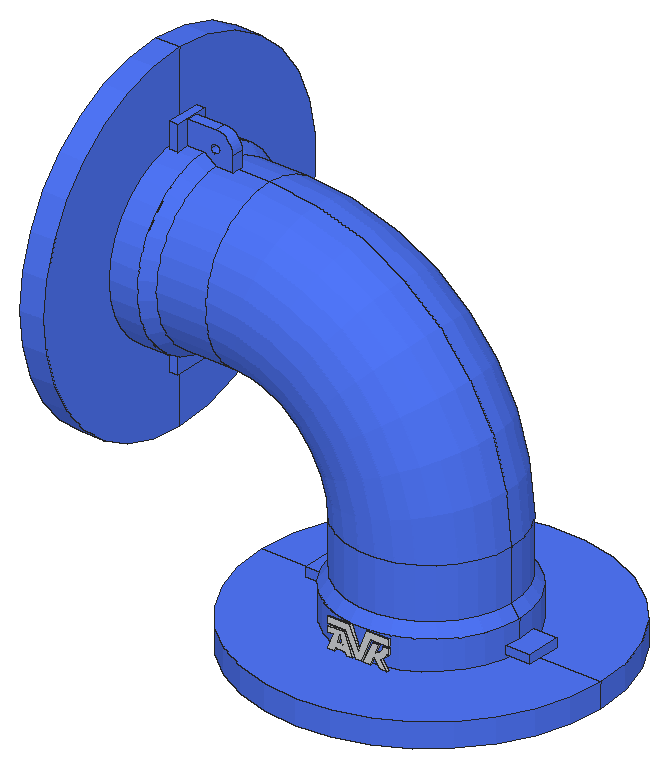
Revit family "712-0620-001-DN40-300", category Pipe Accessories, Revit 2019
Family settings
  Round Connector Dimension = Use Diameter
  Part Type = Breaks Into
  Work Plane-Based = No
  Always vertical = Yes
  Cut with Voids When Loaded = No
  Shared = No
Parameters (values of type "DN080_PN10/16")
  Search_Table = "712-0620-001-DN40-300"
  Rib_width = size_lookup(Search_Table, "Rib_width", 0 mm, [Nominal Diameter(DN)])  # 20 mm
  Rf_Dia = size_lookup(Search_Table, "Rf_Dia", 0 mm, [Nominal Diameter(DN)]) / 2  # 66 mm
  RF_Thick = size_lookup(Search_Table, "Rf_Thickness", 0 mm, [Nominal Diameter(DN)])  # 3 mm
  L_Ref = size_lookup(Search_Table, "L_Ref", 0 mm, [Nominal Diameter(DN)])  # 70 mm
  L = size_lookup(Search_Table, "L", 0 mm, [Nominal Diameter(DN)]) - L_Ref  # 95 mm
  ID = [Nominal Diameter(DN)] / 2  # 40 mm
  Hole = size_lookup(Search_Table, "Hole", 0 mm, [Nominal Diameter(DN)])  # 5 mm
  H_width = Rib_width / 3  # 6.667 mm
  Flange_thickness = size_lookup(Search_Table, "Flange_thickness", 0 mm, [Nominal Diameter(DN)])  # 17 mm
  Nominal Diameter(DN) = 80 mm
  FOD = size_lookup(Search_Table, "FOD", 0 mm, [Nominal Diameter(DN)]) / 2  # 100 mm
  URL product pages = "https://www.avkvalves.com/P.aspx?no=712004006201"
  F2 = Flange_thickness * 2  # 34 mm
  Description_ = "AVK FLANGED BEND 90° W/LOOSE FLANGES"
  DN65 = no
  DN50 = no
  DN40 = no
  DN300_PN16 = "712-0300-06-201"
  DN300_PN10 = "712-0300-06-200\r\n712-0300-43-200"
  DN300 = no
  DN250_PN16 = "712-0250-06-201"
  DN250_PN10 = "712-0250-06-200"
  DN250 = no
  DN200_PN16 = "712-0200-06-201"
  DN200_PN10 = "712-0200-06-200"
  DN150_PN10/16 = "712-0150-06-201"
  DN150 = no
  DN125_PN10/16 = "712-0125-06-201"
  DN125 = no
  DN100_PN10/16 = "712-0100-06-201"
  DN100 = no
  DN080_PN10/16 = "712-0080-06-201"
  DN065_PN10/16 = "712-0065-06-201"
  DN050_PN10/16 = "712-0050-06-201"
  DN040_PN10/16 = "712-0040-06-201"
  DN80 = no
  CH = Body_wallthickness / 2 + 5 mm  # 52.5 mm
  Body_wallthickness = 15 mm + [Nominal Diameter(DN)]  # 95 mm
Types (14, lengths in mm): name | Rib_width | Rf_Dia | RF_Thick | L_Ref | L | ID | Hole | H_width | Flange_thickness | Nominal Diameter(DN) | FOD | F2 | DN300_PN10 | CH | Body_wallthickness
  (no name) | 20 | 66 | 3 | 70 | 95 | 40 | 5 | 6.667 | 17 | 80 | 100 | 34 | "712-0300-06-200\r\n712-0300-43-200" | 52.5 | 95
  DN080_PN10/16 | 20 | 66 | 3 | 70 | 95 | 40 | 5 | 6.667 | 17 | 80 | 100 | 34 | "712-0300-06-200\r\n712-0300-43-200" | 52.5 | 95
  DN100_PN10/16 | 20 | 78 | 3 | 80 | 100 | 50 | 5 | 6.667 | 17 | 100 | 110 | 34 | "712-0300-06-200" | 62.5 | 115
  DN150_PN10/16 | 25 | 105.5 | 4 | 100 | 120 | 75 | 5 | 8.333 | 20 | 150 | 142.5 | 40 | "712-0300-06-200" | 87.5 | 165
  DN040_PN10/16 | 15 | 42 | 3 | 40 | 100 | 20 | 3 | 5 | 17 | 40 | 75 | 34 | "712-0300-06-200" | 32.5 | 55
  DN050_PN10/16 | 15 | 49.5 | 3 | 50 | 100 | 25 | 3 | 5 | 17 | 50 | 82.5 | 34 | "712-0300-06-200" | 37.5 | 65
  DN065_PN10/16 | 15 | 59 | 3 | 60 | 100 | 32.5 | 3 | 5 | 17 | 65 | 92.5 | 34 | "712-0300-06-200" | 45 | 80
  DN200_PN10 | 25 | 133 | 4 | 110 | 150 | 100 | 5 | 8.333 | 23 | 200 | 170 | 46 | "712-0300-06-200" | 112.5 | 215
  DN250_PN10 | 25 | 159.5 | 4 | 120 | 230 | 125 | 5 | 8.333 | 26 | 250 | 200 | 52 | "712-0300-06-200" | 137.5 | 265
  DN250_PN16 | 25 | 159.5 | 4 | 120 | 230 | 125 | 5 | 8.333 | 26 | 250 | 200 | 52 | "712-0300-06-200" | 137.5 | 265
  DN200_PN16 | 25 | 133 | 4 | 110 | 150 | 100 | 5 | 8.333 | 23 | 200 | 170 | 46 | "712-0300-06-200" | 112.5 | 215
  DN300_PN10 | 30 | 185 | 4 | 130 | 270 | 150 | 5 | 10 | 29 | 300 | 227.5 | 58 | "712-0300-06-200" | 162.5 | 315
  DN300_PN16 | 30 | 185 | 4 | 130 | 270 | 150 | 5 | 10 | 29 | 300 | 227.5 | 58 | "712-0300-06-200" | 162.5 | 315
  DN125_PN10/16 | 20 | 92 | 3 | 90 | 110 | 62.5 | 5 | 6.667 | 18.5 | 125 | 125 | 37 | "712-0300-06-200" | 75 | 140
Reference planes
  plane 1 "Center (Front/Back)": y = 0
  plane 2: z = 0
  plane 3 "Center (Left/Right)": x = 0
  plane 4: z = 70
  plane 5: x = -95
  plane 6: z = 165
  plane 7: z = 95
  plane 8: z = 165
  plane 9: z = 95
  plane 10: z = 165
  plane 11: z = 70
  plane 12: x = -95
  plane 13: y = 10
  plane 14: y = -10
  plane 15: y = 3.333
  plane 16: y = -3.333
Forms (mm)
  Sweep 1, solid, material "Plastic"
    path origin (0, 0, 0) x (1, 0, 0) y (0, 0, 1)
      loop
        line (0, 0) -> (0, 70)
        arc (0, 70) -> (-27.825, 137.175) -> (-95, 165) r 95
        line (-95, 165) -> (-165, 165)
    profile origin (0, 0, 35) x (-1, 0, 0) y (0, -1, 0)
      loop
        circle (0, 0) r 47.5
  Revolve 2, solid, material "Plastic"
    sketch origin (0, 0, 0) x (1, 0, 0) y (0, 0, 1)
      loop
        line (0, 0) -> (100, 0) -> (100, 17) -> (0, 17) -> (0, 0)
      axis (0, 0) -> (0, 17)
    angle from 0 to 360
  Revolve 3, solid, material "Plastic"
    sketch origin (0, 0, 0) x (1, 0, 0) y (0, 0, 1)
      loop
        line (-165, 165) -> (-148, 165) -> (-148, 265) -> (-165, 265) -> (-165, 165)
      axis (-165, 165) -> (-148, 165)
    angle from 0 to 360
  Sweep 4, void
    path origin (0, 0, 0) x (1, 0, 0) y (0, 0, 1)
      loop
        line (0, 0) -> (0, 70)
        arc (0, 70) -> (-27.825, 137.175) -> (-95, 165) r 95
        line (-95, 165) -> (-165, 165)
    profile origin (0, 0, 35) x (-1, 0, 0) y (0, -1, 0)
      loop
        circle (0, 0) r 40
  Revolve 5, void
    sketch origin (0, 0, 0) x (1, 0, 0) y (0, 0, 1)
      loop
        line (-100, 0) -> (-66, 0) -> (-66, 3) -> (-100, 3) -> (-100, 0)
      axis (0, 0) -> (0, 3)
    angle from 0 to 360
  Revolve 6, void
    sketch origin (0, 0, 0) x (1, 0, 0) y (0, 0, 1)
      loop
        line (-165, 265) -> (-165, 231) -> (-162, 231) -> (-162, 265) -> (-165, 265)
      axis (-165, 165) -> (-162, 165)
    angle from 0 to 360
  Revolve 7, solid, material "Plastic"
    sketch origin (0, 0, 0) x (1, 0, 0) y (0, 0, 1)
      loop
        line (-148, 205) -> (-114, 205) -> (-131, 217.5) -> (-148, 217.5) -> (-148, 205)
      axis (-148, 165) -> (-114, 165)
    angle from 0 to 360
  Revolve 8, solid, material "Plastic"
    sketch origin (0, 0, 0) x (1, 0, 0) y (0, 0, 1)
      loop
        line (-40, 17) -> (-40, 51) -> (-52.5, 34) -> (-52.5, 17) -> (-40, 17)
      axis (0, 17) -> (0, 51)
    angle from 0 to 360
  Extrusion 9, solid, material "Plastic"
    sketch origin (0, 0, 0) x (1, 0, 0) y (0, 0, 1)
      loop
        line (-146.026, 231) -> (-146.026, 99) -> (-141.026, 99) -> (-141.026, 231) -> (-146.026, 231)
      loop
        line (-66, 23.887) -> (-66, 18.887) -> (66, 18.887) -> (66, 23.887) -> (-66, 23.887)
    from -10 to 10
  Extrusion 10, solid, material "Plastic"
    sketch origin (0, 0, 0) x (1, 0, 0) y (0, 0, 1)
      loop
        line (-141.026, 231) -> (-141.026, 205) -> (-114, 205) -> (-114, 221)
        arc (-114, 221) -> (-116.929, 228.071) -> (-124, 231) r 10
        line (-124, 231) -> (-141.026, 231)
      loop
        circle (-124, 221) r 2.5
    from -3.333 to 3.333
  Revolve 11, void
    sketch origin (0, 0, 0) x (1, 0, 0) y (0, 0, 1)
      loop
        line (-148, 205) -> (-148, 165) -> (-131, 165) -> (-131, 205) -> (-148, 205)
      axis (-148, 165) -> (-131, 165)
    angle from 0 to 360
  Revolve 12, void
    sketch origin (0, 0, 0) x (1, 0, 0) y (0, 0, 1)
      loop
        line (0, 23.887) -> (-40, 23.887) -> (-40, 17) -> (0, 17) -> (0, 23.887)
      axis (0, 17) -> (0, 23.887)
    angle from 0 to 360
Cuts and joins
  Sweep 4, Revolve 11, Revolve 12 cuts Sweep 1
  Sweep 4, Revolve 5 cuts Revolve 2
  Sweep 4, Revolve 6, Revolve 11 cuts Revolve 3
  Revolve 11 cuts Revolve 7
  Revolve 11, Revolve 12 cuts Extrusion 9
  Revolve 12 cuts Revolve 8
Dimensions and locks
  "L": plane 6 to plane 4
  "L": plane 3 "Center (Left/Right)" to plane 5
  "L_Ref": plane 4 to level
  "L_Ref": Sweep 1 sketch curve to plane 5
  "FOD": Revolve 2 sketch curve to plane 3 "Center (Left/Right)"
  "Flange_thickness": Revolve 2 sketch curve to level
  "L": plane 7 to level
  "L_Ref": plane 8 to plane 7
  "Flange_thickness": Revolve 3 sketch curve to Revolve 3 sketch curve
  "FOD": Revolve 3 sketch curve to plane 8
  "L": plane 9 to level
  "L_Ref": plane 10 to plane 9
  "L_Ref": plane 11 to level
  "L": plane 3 "Center (Left/Right)" to plane 12
  plane 10 to level = 165 mm
  plane 3 "Center (Left/Right)" to cut or joined group of Revolve 3, Sweep 4, Revolve 6, Revolve 11 = 165 mm
  "L_Ref": Sweep 4 sketch curve to plane 12
  "FOD": plane 3 "Center (Left/Right)" to Revolve 5 sketch curve
  "RF_Thick": Revolve 5 sketch curve to level
  "Rf_Dia": plane 3 "Center (Left/Right)" to Revolve 5 sketch curve
  "FOD": Revolve 6 sketch curve to plane 10
  "RF_Thick": cut or joined group of Revolve 3, Sweep 4, Revolve 6, Revolve 11 to Revolve 6 sketch curve
  "Rf_Dia": Revolve 6 sketch curve to plane 10
  "ID": Revolve 7 sketch curve to plane 10
  "CH": Revolve 7 sketch curve to plane 10
  "F2": cut or joined group of Revolve 3, Sweep 4, Revolve 6, Revolve 11 to Revolve 7 sketch curve
  "Flange_thickness": cut or joined group of Revolve 3, Sweep 4, Revolve 6, Revolve 11 to Revolve 7 sketch curve
  "ID": plane 3 "Center (Left/Right)" to Revolve 8 sketch curve
  "CH": plane 3 "Center (Left/Right)" to Revolve 8 sketch curve
  "Flange_thickness": Revolve 8 sketch curve to cut or joined group of Revolve 2, Sweep 4, Revolve 5
  "F2": Revolve 8 sketch curve to cut or joined group of Revolve 2, Sweep 4, Revolve 5
  locked: cut or joined group of Revolve 3, Sweep 4, Revolve 6, Revolve 11 to Extrusion 9 sketch curve at 1.974
  "Rf_Dia": Extrusion 9 sketch curve to plane 10
  "Rf_Dia": plane 10 to Extrusion 9 sketch curve
  "Rf_Dia": plane 3 "Center (Left/Right)" to Extrusion 9 sketch curve  (x2)
  locked: Extrusion 9 sketch curve to cut or joined group of Revolve 2, Sweep 4, Revolve 5 at 1.887
  locked: Extrusion 9 sketch curve to Extrusion 9 sketch curve at 5
  equal spacing: plane 13, plane 1 "Center (Front/Back)", plane 14
  "Rib_width": plane 13 to plane 14
  "Rf_Dia": Extrusion 10 sketch curve to plane 10
  "ID": Extrusion 10 sketch curve to plane 10
  "F2": cut or joined group of Revolve 3, Sweep 4, Revolve 6, Revolve 11 to Extrusion 10 sketch curve
  equal spacing: plane 15, plane 1 "Center (Front/Back)", plane 16
  "H_width": plane 15 to plane 16
  "ID": Revolve 11 sketch curve to plane 10
  "ID": plane 3 "Center (Left/Right)" to Revolve 12 sketch curve
  "Body_wallthickness": diameter of Sweep 1 sketch curve
  "Nominal Diameter(DN)": diameter of Sweep 4 sketch curve
  "Hole": diameter of Extrusion 10 sketch curve
  aligned and locked: level to plane 2
  aligned and locked: plane 3 "Center (Left/Right)" to Sweep 1 sketch curve
  aligned and locked: plane 4 to Sweep 1 sketch curve
  aligned and locked: Sweep 1 sketch curve to plane 5
  aligned and locked: plane 6 to Sweep 1 sketch curve
  aligned and locked: Revolve 2 sketch curve to Sweep 1
  aligned and locked: Revolve 2 sketch curve to plane 3 "Center (Left/Right)"
  aligned and locked: plane 3 "Center (Left/Right)" to Revolve 2 sketch curve
  aligned and locked: plane 8 to Revolve 3 sketch curve  (x2)
  aligned and locked: Revolve 3 sketch curve to Sweep 1
  aligned and locked: Sweep 4 sketch curve to plane 12
  aligned and locked: plane 3 "Center (Left/Right)" to Sweep 4 sketch curve
  aligned and locked: plane 11 to Sweep 4 sketch curve
  aligned and locked: plane 10 to Sweep 4 sketch curve
  aligned and locked: Revolve 5 sketch curve to cut or joined group of Revolve 2, Sweep 4, Revolve 5
  aligned and locked: plane 3 "Center (Left/Right)" to Revolve 5 sketch curve
  aligned and locked: Revolve 6 sketch curve to cut or joined group of Revolve 3, Sweep 4, Revolve 6, Revolve 11
  aligned and locked: plane 10 to Revolve 6 sketch curve
  aligned and locked: Revolve 7 sketch curve to cut or joined group of Revolve 3, Sweep 4, Revolve 6, Revolve 11
  aligned and locked: plane 10 to Revolve 7 sketch curve
  aligned and locked: cut or joined group of Revolve 2, Sweep 4, Revolve 5 to Revolve 8 sketch curve
  aligned and locked: plane 3 "Center (Left/Right)" to Revolve 8 sketch curve
  aligned and locked: plane 13 to Extrusion 9
  aligned and locked: Extrusion 9 to plane 14
  aligned and locked: Extrusion 9 to Extrusion 10 sketch curve
  aligned and locked: plane 15 to Extrusion 10
  aligned and locked: Extrusion 10 to plane 16
  aligned and locked: plane 10 to Revolve 11 sketch curve
  aligned and locked: Revolve 11 sketch curve to plane 10
  aligned and locked: Revolve 11 sketch curve to cut or joined group of Revolve 3, Sweep 4, Revolve 6, Revolve 11
  aligned and locked: cut or joined group of Revolve 7, Revolve 11 to Revolve 11 sketch curve
  aligned and locked: plane 3 "Center (Left/Right)" to Revolve 12 sketch curve  (x2)
  aligned and locked: Revolve 12 sketch curve to cut or joined group of Revolve 2, Sweep 4, Revolve 5
  aligned and locked: cut or joined group of Extrusion 9, Revolve 11, Revolve 12 to Revolve 12 sketch curve
  aligned and locked: plane 3 "Center (Left/Right)" to nested 1
  aligned and locked: nested 1 to cut or joined group of Revolve 2, Sweep 4, Revolve 5
Automatic sketch dimensions
  Sweep 1 sketch curve to level = 0 mm
  plane 1 "Center (Front/Back)" to Sweep 1 sketch curve = 0 mm
  Sweep 1 sketch curve to profile plane = 0 mm
  Revolve 2 sketch curve to Revolve 2 sketch curve = 20 mm
  plane 9 to Revolve 2 sketch curve = 21 mm
  Revolve 3 sketch curve to Revolve 3 sketch curve = 10 mm
  Revolve 3 sketch curve to Revolve 3 sketch curve = 7.5 mm
  Sweep 4 sketch curve to level = 0 mm
  plane 1 "Center (Front/Back)" to Sweep 4 sketch curve = 0 mm
  Sweep 4 sketch curve to profile plane = 0 mm
  plane 9 to Revolve 5 sketch curve = 45.193 mm
  plane 9 to Revolve 5 sketch curve = 20.193 mm
  Revolve 6 sketch curve to Revolve 6 sketch curve = 5 mm
  Revolve 6 sketch curve to Revolve 6 sketch curve = 35 mm
  Revolve 7 sketch curve to Revolve 7 sketch curve = 10 mm
  Revolve 7 sketch curve to Revolve 7 sketch curve = 15 mm
  plane 9 to Revolve 8 sketch curve = 18 mm
  Revolve 8 sketch curve to plane 9 = 2 mm
  Extrusion 9 sketch curve to Extrusion 9 sketch curve = 5 mm
  Extrusion 10 sketch curve to Extrusion 10 sketch curve = 0 mm  (x2)
  Extrusion 10 sketch curve to Extrusion 10 sketch curve = 10 mm
  Revolve 11 sketch curve to Revolve 11 sketch curve = 32 mm
  Revolve 11 sketch curve to Revolve 11 sketch curve = 1.848 mm
  plane 9 to Revolve 12 sketch curve = 31 mm
  plane 9 to Revolve 12 sketch curve = 13.157 mm
Nested families
  nested 1: "Latest 1" at (0, -52.5, 17) x (1, 0, 0) z (0, -1, 0), type "Latest 1"
Connectors
  piping at (0, 0, 0), diameter 80, driven by "Nominal Diameter(DN)"
    settings: on cut or joined group of Sweep 1, Sweep 4, Revolve 11, Revolve 12, index 2, connector inside diameter 609.6 mm, connector length 0 mm, flow factor 0, pipe flow 0.0 L/s, pressure drop 0.0 Pa, fitting loss kfactor 0, connector angle 0.00°, fixture units 0, engagement length 0 mm, angle of deflection 0.00°, flow configuration 0, flow direction 0, fitting loss method 0, system type 7, joint type 0, gender type 0, connector reference index -1, connector utility 0, adjustable connector no, is connector primary yes, connector description ""
  piping at (-165, 0, 165), diameter 80, driven by "Nominal Diameter(DN)"
    settings: on Revolve 3, index 3, connector inside diameter 609.6 mm, connector length 0 mm, flow factor 0, pipe flow 0.0 L/s, pressure drop 0.0 Pa, fitting loss kfactor 0, connector angle 0.00°, fixture units 0, engagement length 0 mm, angle of deflection 0.00°, flow configuration 0, flow direction 0, fitting loss method 0, system type 7, joint type 0, gender type 0, connector reference index -1, connector utility 0, adjustable connector no, is connector primary no, connector description ""
Definition of nested family "Latest 1"
  Parameters (values of type "Latest 1")
    Default Elevation = 1219.2 mm
  Reference planes
    plane 1 "Center (Front/Back)": y = 0
    plane 2: z = 0
    plane 3 "Center (Left/Right)": x = 0
  Forms (mm)
    Extrusion 1, solid
      sketch origin (0, 0, 0) x (1, 0, 0) y (0, 1, 0)
        loop
          line (-1219.2, 1219.2) -> (-1219.2, -1219.2) -> (1219.2, -1219.2) -> (1219.2, 1219.2) -> (-1219.2, 1219.2)
      from 0 to -304.8
    Extrusion 2, solid
      sketch origin (0, 0, 0) x (1, 0, 0) y (0, 1, 0)
        loop
          arc (12.898, 5.369) -> (15.258, 6.534) -> (16.775, 8.684) r 5.337
          line (16.775, 8.684) -> (17.791, 8.684) -> (17.791, 12.073) -> (14.403, 12.073)
          arc (14.403, 12.073) -> (13.168, 9.014) -> (10.155, 7.67) r 4.406
          line (10.155, 7.67) -> (11.947, 12.073) -> (8.151, 12.073) -> (3.236, 0) -> (7.032, 0) -> (8.965, 4.747) -> (12.542, 0) -> (16.944, 0) -> (12.898, 5.369)
        loop
          line (4.829, 16.944) -> (0, 5.083) -> (-4.829, 16.944) -> (-17.791, 16.944) -> (-17.791, 13.428) -> (-7.24, 13.428) -> (-1.772, 0) -> (1.772, 0) -> (7.24, 13.428) -> (17.791, 13.428) -> (17.791, 16.944) -> (4.829, 16.944)
        loop
          line (-7.032, 0) -> (-3.236, 0) -> (-8.151, 12.073) -> (-17.791, 12.073) -> (-17.791, 8.684) -> (-14.458, 8.684) -> (-17.791, 0) -> (-14.025, 0) -> (-13.31, 1.864) -> (-7.791, 1.864) -> (-7.032, 0)
        loop
          line (-12.437, 5.083) -> (-9.102, 5.083) -> (-10.818, 9.3) -> (-12.437, 5.083)
      from 0 to 1
  Dimensions and locks
    aligned and locked: plane 2 to Extrusion 1
    aligned and locked: level to Extrusion 1
